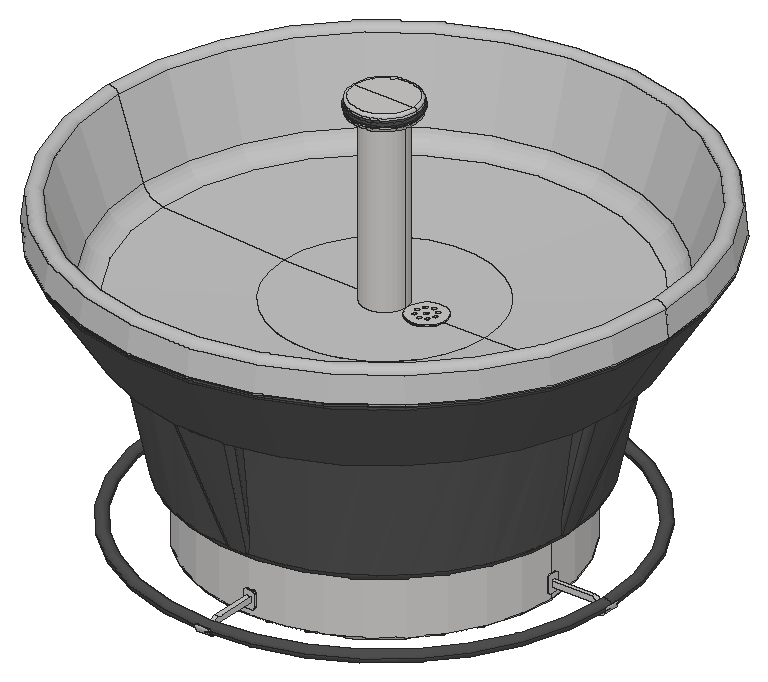
Revit family "Washfountain_Lavatory-Bradley_Corp-WF2808-Type_O_Drain", category Plumbing Fixtures, Revit 2012 (continued)
Automatic sketch dimensions
  Revolve 36 sketch curve to Revolve 36 sketch curve = 0.06932"
  Revolve 36 sketch curve to Revolve 36 sketch curve = 1.18872"
  Revolve 36 sketch curve to curve 7 = 1.31128"
  curve 6 to Masking region 36 sketch curve = 1.8649"  (x2)
  curve 6 to Masking region 36 sketch curve = 0.8649"  (x2)
  Masking region 37 sketch curve to curve 6 = 1.6149"  (x2)
  Masking region 37 sketch curve to Masking region 37 sketch curve = 0.500"  (x2)
  radius of curve 105 = 21.000"
  radius of Masking region 17 sketch curve = 27.000"
  radius of curve 136 = 1.750"
  radius of curve 137 = 1.250"
  radius of curve 138 = 0.1842"
  radius of curve 139 = 0.1842"
  radius of curve 140 = 0.1842"
  radius of curve 141 = 0.1842"
  radius of curve 142 = 0.1842"
  radius of curve 143 = 0.1842"
  radius of curve 144 = 0.1842"
  radius of curve 145 = 0.1842"
  radius of curve 146 = 0.1842"
  radius of curve 147 = 25.300"
  radius of curve 251 = 21.000"
  radius of Masking region 18 sketch curve = 6.22592"
  radius of curve 45 = 4.17907"
  radius of Masking region 19 sketch curve = 4.57537"
  radius of curve 46 = 2.10282"
  radius of Masking region 20 sketch curve = 3.12875"
  radius of curve 47 = 2.000"
  radius of Masking region 21 sketch curve = 2.000"
  radius of Extrusion 12 sketch curve = 2.000"
  radius of Extrusion 13 sketch curve = 2.000"
  radius of Sweep 16 sketch curve = 0.500"
  radius of curve 170 = 0.18079"
  radius of curve 171 = 0.18079"
  radius of curve 185 = 0.18079"
  radius of curve 186 = 0.18079"
  radius of curve 219 = 0.17708"
  radius of curve 220 = 0.17708"
  radius of curve 233 = 0.17708"
  radius of curve 234 = 0.17708"
  radius of Extrusion 25 sketch curve = 1.750"
  radius of Extrusion 26 sketch curve = 0.1842"  (x9)
  radius of curve 135 to Extrusion 26 = 0.500"
  radius of Extrusion 37 sketch curve = 0.500"
  radius of Extrusion 38 sketch curve = 0.500"
  radius of Extrusion 39 sketch curve = 0.250"
  radius of Extrusion 40 sketch curve = 0.250"
Connectors (in)
  piping at (-0.875, 1.25, 37.25), driven by "Hot Lavatory Inlet Radius", driven by "HWFU"
    settings: on Extrusion 35, index 1, connector radius 1/4", flow factor 0, pipe flow 0.0 GPM, pressure drop 0.0 psi, fitting loss kfactor 0, connector angle 0.00°, fixture units 0, engagement length 0.000", flow configuration 3, flow direction 1, fitting loss method 0, system type 19, joint type 0, gender type 0, connector reference index -1, connector utility 0, adjustable connector no, is connector primary yes, fitting loss table "", connector description "Hot Lavatory Inlet"
  piping at (0.875, 1.25, 37.25), driven by "Cold Lavatory Inlet Radius", driven by "CWFU"
    settings: on Extrusion 35, index 2, connector radius 1/4", flow factor 0, pipe flow 0.0 GPM, pressure drop 0.0 psi, fitting loss kfactor 0, connector angle 0.00°, fixture units 0, engagement length 0.000", flow configuration 3, flow direction 1, fitting loss method 0, system type 20, joint type 0, gender type 0, connector reference index -1, connector utility 0, adjustable connector no, is connector primary no, fitting loss table "", connector description "Cold Lavatory Inlet"
  piping at (4, 0, 0), driven by "Drain Radius", driven by "WFU"
    settings: on Extrusion 27, index 3, connector radius 1", flow factor 0, pipe flow 0.0 GPM, pressure drop 0.0 psi, fitting loss kfactor 0, connector angle 0.00°, fixture units 0, engagement length 0.000", flow configuration 3, flow direction 2, fitting loss method 0, system type 16, joint type 0, gender type 0, connector reference index -1, connector utility 0, adjustable connector yes, is connector primary no, fitting loss table "", connector description "Drain"
  electrical at (0, 5, 0), driven by "Voltage"
    settings: on Extrusion 27, index 4, voltage 110 V, apparent load 0 VA, apparent load phase1 0 VA, apparent load phase2 0 VA, apparent load phase3 0 VA, power factor 1, load classification "Other", number of poles 1, system type 31, power factor state 1, is connector primary yes, connector utility no, sub classification motor no, connector description ""
